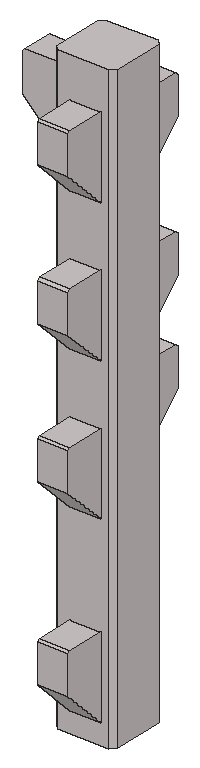
Revit family "rstadvancedsamplefamily", category Structural Columns, Revit 2021
Family settings
  Display in Hidden Views = Edges Hidden by Other Members
  Section Shape = Not Defined
  Material for Model Behavior = Precast Concrete
  Always export as geometry = No
  Beam cutback in plan = From bounding box
  OmniClass Number = 23.25.30.11.14.11
  OmniClass Title = Columns
  Cut with Voids When Loaded = No
  Symbolic Representation = From Family
  Shared = No
  Show family pre-cut in plan views = No
Parameters (values of type "300x300-4 Levels")
  West Corbels Number 1 = if(West Corbels Number > 4, 4, West Corbels Number)  # 1
  Tie Rod Weight [instance] = 30
  Tie Rod W [instance] = (Tie Rod Weight) * 9.80 kN / 1000  # 0.294 kN
  Structural Material [instance] = Concrete - Precast Concrete - 35 MPa
  South Corbels Number 1 = if(South Corbels Number > 4, 4, South Corbels Number)  # 4
  South Corbels Number = 4
  South Corbel Type = Sloped Corbel : Sloped Corbel
  Single Rebar Weight [instance] = 50
  Single Rebar W [instance] = (Single Rebar Weight * 9.80 kN) / 1000  # 0.49 kN
  Rebar Grids Weight [instance] = 100
  Rebar Grids W [instance] = (Rebar Grids Weight * 9.80 kN) / 1000  # 0.98 kN
  North Corbels Number 1 = if(North Corbels Number > 4, 4, North Corbels Number)  # 3
  North Corbels Number = 3
  North Corbel Type = Sloped Corbel : Sloped Corbel
  East Corbels Number 1 = if(East Corbels Number > 4, 4, East Corbels Number)  # 0
  East Corbels Number = 0
  East Corbel Type = Sloped Corbel : Sloped Corbel
  Corbel Width = ""
  Corbel Width West = 150 mm
  Corbel Width South = 150 mm
  Corbel Width North = 150 mm
  Corbel Width East = 150 mm
  Corbel West 4 = and(West Corbels Number 1 = 4, not(West Corbels Number 1 = 0))  # no
  Corbel West 3 = and(or((West Corbels Number 1 = 3), (West Corbels Number 1 > 3)), not(West Corbels Number 1 = 0))  # no
  Corbel West 2 = and(or((West Corbels Number 1 = 2), (West Corbels Number 1 > 2)), not(West Corbels Number 1 = 0))  # no
  Corbel West 1 = and(or((West Corbels Number 1 = 1), (West Corbels Number 1 > 1)), not(West Corbels Number 1 = 0))  # yes
  West Corbels Number = 1
  West Corbel Type = Sloped Corbel : Sloped Corbel
  Corbel South 4 = and(South Corbels Number 1 = 4, not(South Corbels Number 1 = 0))  # yes
  Corbel South 3 = and(or((South Corbels Number 1 = 3), (South Corbels Number 1 > 3)), not(South Corbels Number 1 = 0))  # yes
  Corbel South 2 = and(or((South Corbels Number 1 = 2), (South Corbels Number 1 > 2)), not(South Corbels Number 1 = 0))  # yes
  Corbel South 1 = and(or((South Corbels Number 1 = 1), (South Corbels Number 1 > 1)), not(South Corbels Number 1 = 0))  # yes
  Corbel North 4 = and(North Corbels Number 1 = 4, not(North Corbels Number 1 = 0))  # no
  Corbel North 3 = and(or((North Corbels Number 1 = 3), (North Corbels Number 1 > 3)), not(North Corbels Number 1 = 0))  # yes
  Corbel North 2 = and(or((North Corbels Number 1 = 2), (North Corbels Number 1 > 2)), not(North Corbels Number 1 = 0))  # yes
  Corbel North 1 = and(or((North Corbels Number 1 = 1), (North Corbels Number 1 > 1)), not(North Corbels Number 1 = 0))  # yes
  Corbel Height = ""
  Corbel Height West = 400 mm
  Corbel Height South = 400 mm
  Corbel Height North = 400 mm
  Corbel Height East = 400 mm
  Corbel East 4 = and(East Corbels Number 1 = 4, not(East Corbels Number 1 = 0))  # no
  Corbel East 3 = and(or((East Corbels Number 1 = 3), (East Corbels Number 1 > 3)), not(East Corbels Number 1 = 0))  # no
  Corbel East 2 = and(or((East Corbels Number 1 = 2), (East Corbels Number 1 > 2)), not(East Corbels Number 1 = 0))  # no
  Corbel East 1 = and(or((East Corbels Number 1 = 1), (East Corbels Number 1 > 1)), not(East Corbels Number 1 = 0))  # no
  Corbel Distance from Top Level [instance] = ""
  Corbel Distance West 1 [instance] = 100 mm
  Corbel Distance West 2 [instance] = 700 mm
  Corbel Distance West 3 [instance] = 1300 mm
  Corbel Distance West 4 [instance] = 2100 mm
  Corbel Distance East 1 [instance] = 350 mm
  Corbel Distance East 2 [instance] = 950 mm
  Corbel Distance East 3 [instance] = 1750 mm
  Corbel Distance East 4 [instance] = 2450 mm
  Corbel Distance South 1 [instance] = 200 mm
  Corbel Distance South 2 [instance] = 900 mm
  Corbel Distance South 3 [instance] = 1600 mm
  Corbel Distance South 4 [instance] = 2500 mm
  Corbel Distance North 1 [instance] = 250 mm
  Corbel Distance North 2 [instance] = 950 mm
  Corbel Distance North 3 [instance] = 1450 mm
  Corbel Distance North 4 [instance] = 2350 mm
  Corbel Depth = ""
  Corbel Depth West = 200 mm
  Corbel Depth South = 200 mm
  Corbel Depth North = 200 mm
  Corbel Depth East = 200 mm
  Corbel Horizontal Offset [instance] = ""
  Corbel Offset West [instance] = 60 mm
  Corbel Offset South [instance] = 60 mm
  Corbel Offset North [instance] = 60 mm
  Corbel Offset East [instance] = 60 mm
  Corbel Chamfer [instance] = 10 mm
  Assembly Code = "B10"
  Chamfer = 25 mm
  b = 300 mm
  h = 300 mm
Types (9, lengths in mm): name | West Corbels Number 1 | South Corbels Number 1 | South Corbels Number | South Corbel Type | North Corbels Number 1 | North Corbels Number | North Corbel Type | East Corbels Number 1 | East Corbels Number | East Corbel Type | Corbel West 4 | Corbel West 3 | Corbel West 2 | Corbel West 1 | West Corbels Number | West Corbel Type | Corbel South 4 | Corbel South 3 | Corbel South 2 | Corbel South 1 | Corbel North 3 | Corbel North 2 | Corbel East 2 | Corbel East 1 | Assembly Code | b | h
  (no name) | 1 | 4 | 4 | Sloped Corbel : Sloped Corbel | 3 | 3 | Sloped Corbel : Sloped Corbel | 0 | 0 | Sloped Corbel : Sloped Corbel | no | no | no | yes | 1 | Sloped Corbel : Sloped Corbel | yes | yes | yes | yes | yes | yes | no | no | "B10" | 300 | 300
  300x300-2 Levels | 0 | 2 | 2 | Rectangular Corbel : Rectangular Corbel | 1 | 1 | Sloped Corbel : Sloped Corbel | 2 | 2 | Rectangular Corbel : Rectangular Corbel | no | no | no | no | 0 | Rectangular Corbel : Rectangular Corbel | no | no | yes | yes | no | no | yes | yes | 0 | 300 | 300
  450x450-2 Levels | 2 | 0 | 0 | Rectangular Corbel : Rectangular Corbel | 2 | 2 | Rectangular Corbel : Rectangular Corbel | 0 | 0 | Sloped Corbel : Sloped Corbel | no | no | yes | yes | 2 | Sloped Corbel : Sloped Corbel | no | no | no | no | no | yes | no | no | "B10" | 450 | 450
  300x300-4 Levels | 1 | 4 | 4 | Sloped Corbel : Sloped Corbel | 3 | 3 | Sloped Corbel : Sloped Corbel | 0 | 0 | Sloped Corbel : Sloped Corbel | no | no | no | yes | 1 | Sloped Corbel : Sloped Corbel | yes | yes | yes | yes | yes | yes | no | no | "B10" | 300 | 300
  300x300-3 Levels | 3 | 0 | 0 | Rectangular Corbel : Rectangular Corbel | 2 | 2 | Sloped Corbel : Sloped Corbel | 0 | 0 | Sloped Corbel : Sloped Corbel | no | yes | yes | yes | 3 | Rectangular Corbel : Rectangular Corbel | no | no | no | no | no | yes | no | no | "B10" | 300 | 300
  450x450-4 Levels | 4 | 0 | 0 | Rectangular Corbel : Rectangular Corbel | 1 | 1 | Rectangular Corbel : Rectangular Corbel | 2 | 2 | Sloped Corbel : Sloped Corbel | yes | yes | yes | yes | 4 | Sloped Corbel : Sloped Corbel | no | no | no | no | no | no | yes | yes | "B10" | 450 | 450
  450x450-3 Levels | 0 | 3 | 3 | Rectangular Corbel : Rectangular Corbel | 1 | 1 | Sloped Corbel : Sloped Corbel | 2 | 2 | Sloped Corbel : Sloped Corbel | no | no | no | no | 0 | Rectangular Corbel : Rectangular Corbel | no | yes | yes | yes | no | no | yes | yes | "B10" | 450 | 450
  300x300-1 Level | 0 | 1 | 1 | Sloped Corbel : Sloped Corbel | 1 | 1 | Sloped Corbel : Sloped Corbel | 1 | 1 | Sloped Corbel : Sloped Corbel | no | no | no | no | 0 | Rectangular Corbel : Rectangular Corbel | no | no | no | yes | no | no | no | yes | "B10" | 300 | 300
  450x450-1 Level | 1 | 0 | 0 | Rectangular Corbel : Rectangular Corbel | 1 | 1 | Rectangular Corbel : Rectangular Corbel | 1 | 1 | Sloped Corbel : Sloped Corbel | no | no | no | yes | 1 | Sloped Corbel : Sloped Corbel | no | no | no | no | no | no | no | yes | "B10" | 450 | 450
Reference planes
  plane 1 "Center (Front/Back)": y = 0
  plane 2: z = 0
  plane 3 "Center (Left/Right)": x = 0
  plane 4: x = -150
  plane 5: x = 150
  plane 6: y = 150
  plane 7: y = -150
  plane 8: x = -125
  plane 9: y = -125
  plane 10: x = 125
  plane 11: y = 125
  plane 12 "fill ref  west": z = 2900
  plane 13 "fill ref  north": z = 2750
  plane 14 "fill ref  south": z = 2800
  plane 15 "fill ref  east": z = 2650
  plane 16 "West 1": z = 2300
  plane 17 "East 1": z = 2050
  plane 18 "South 1": z = 2100
  plane 19 "North 1": z = 2050
  plane 20 "West 2": z = 1700
  plane 21 "East 2": z = 1250
  plane 22 "South 2": z = 1400
  plane 23 "North 2": z = 1550
  plane 24 "West 3": z = 900
  plane 25 "East 3": z = 550
  plane 26 "South 3": z = 500
  plane 27 "North 3": z = 650
  plane 28: y = 65
  plane 29: x = 65
  plane 30: y = -65
  plane 31: x = -65
  plane 32: x = -125
  plane 33: y = -125
  plane 34: x = 125
  plane 35: y = 125
Forms (mm)
  Extrusion 1, solid, material "Concrete - Precast Concrete - 35 MPa" <- "Structural Material"
    sketch origin (0, 0, 0) x (1, 0, 0) y (0, 1, 0)
      loop
        line (-125, 150) -> (-150, 125) -> (-150, -125) -> (-125, -150) -> (125, -150) -> (150, -125) -> (150, 125) -> (125, 150) -> (-125, 150)
    from 0 to 3000
Dimensions and locks
  equal spacing: plane 4, plane 3 "Center (Left/Right)", plane 5
  equal spacing: plane 7, plane 1 "Center (Front/Back)", plane 6
  "h": plane 7 to plane 6
  "b": plane 4 to plane 5
  "Chamfer": plane 4 to plane 8
  "Chamfer": plane 10 to plane 5
  "Chamfer": plane 11 to plane 6
  "Chamfer": plane 7 to plane 9
  "Corbel Offset West": plane 11 to plane 28
  "Corbel Offset South": plane 8 to plane 31
  "Corbel Offset East": plane 30 to plane 9
  "Corbel Offset North": plane 29 to plane 10
  "Corbel Distance West 1": level to plane 12 "fill ref  west"
  "Corbel Distance West 2": level to plane 16 "West 1"
  "Corbel Distance West 3": level to plane 20 "West 2"
  "Corbel Distance West 4": level to plane 24 "West 3"
  "Corbel Distance East 1": level to plane 15 "fill ref  east"
  "Corbel Distance East 2": level to plane 17 "East 1"
  "Corbel Distance East 3": level to plane 21 "East 2"
  "Corbel Distance East 4": level to plane 25 "East 3"
  "Corbel Distance South 1": level to plane 14 "fill ref  south"
  "Corbel Distance South 2": level to plane 18 "South 1"
  "Corbel Distance South 3": level to plane 22 "South 2"
  "Corbel Distance South 4": level to plane 26 "South 3"
  "Corbel Distance North 1": level to plane 13 "fill ref  north"
  "Corbel Distance North 2": level to plane 19 "North 1"
  "Corbel Distance North 3": level to plane 23 "North 2"
  "Corbel Distance North 4": level to plane 27 "North 3"
  aligned and locked: plane 6 to Extrusion 1 sketch curve
  aligned and locked: Extrusion 1 sketch curve to plane 7
  aligned and locked: Extrusion 1 sketch curve to plane 4
  aligned and locked: plane 5 to Extrusion 1 sketch curve
  aligned and locked: level to Extrusion 1
  aligned and locked: level to plane 2
  aligned and locked: Extrusion 1 to plane 2
  aligned and locked: nested 1 to plane 15 "fill ref  east"
  aligned and locked: nested 4 to plane 12 "fill ref  west"
  aligned and locked: nested 2 to plane 13 "fill ref  north"
  aligned and locked: nested 3 to plane 14 "fill ref  south"
  aligned and locked: nested 5 to plane 17 "East 1"
  aligned and locked: nested 6 to plane 21 "East 2"
  aligned and locked: nested 7 to plane 25 "East 3"
  aligned and locked: nested 8 to plane 16 "West 1"
  aligned and locked: nested 9 to plane 20 "West 2"
  aligned and locked: nested 10 to plane 24 "West 3"
  aligned and locked: nested 13 to plane 27 "North 3"
  aligned and locked: nested 12 to plane 23 "North 2"
  aligned and locked: nested 11 to plane 19 "North 1"
  aligned and locked: nested 16 to plane 26 "South 3"
  aligned and locked: nested 15 to plane 22 "South 2"
  aligned and locked: nested 14 to plane 18 "South 1"
  aligned and locked: plane 28 to nested 4
  aligned and locked: plane 28 to nested 8
  aligned and locked: plane 28 to nested 9
  aligned and locked: plane 28 to nested 10
  aligned and locked: plane 31 to nested 3
  aligned and locked: plane 31 to nested 14
  aligned and locked: plane 31 to nested 15
  aligned and locked: plane 31 to nested 16
  aligned and locked: plane 30 to nested 1
  aligned and locked: plane 30 to nested 5
  aligned and locked: plane 30 to nested 6
  aligned and locked: plane 30 to nested 7
  aligned and locked: nested 2 to plane 29
  aligned and locked: nested 11 to plane 29
  aligned and locked: nested 12 to plane 29
  aligned and locked: nested 13 to plane 29
  aligned and locked: plane 8 to plane 32
  aligned and locked: plane 33 to plane 9
  aligned and locked: plane 10 to plane 34
  aligned and locked: plane 35 to plane 11
Automatic sketch dimensions
  Extrusion 1 sketch curve to plane 8 = 0 mm  (x2)
  Extrusion 1 sketch curve to plane 10 = 0 mm  (x2)
  Extrusion 1 sketch curve to plane 9 = 0 mm  (x2)
  Extrusion 1 sketch curve to plane 11 = 0 mm  (x2)
Nested families
  nested 1: "Sloped Corbel" at (150, 10, 2650) x (0, 1, 0) z (1, 0, 0), Corbel Width <- "Corbel Width East", visible <- "Corbel East 1", type <- "East Corbel Type", Corbel Height <- "Corbel Height East", Corbel Depth <- "Corbel Depth East", type "Sloped Corbel"
    with TransChamfer 10 mm, Corbel Width 150 mm, Corbel Height 400 mm, Corbel Front 200 mm, Corbel Depth 200 mm
  nested 2: "Sloped Corbel" at (-10, 150, 2750) x (-1, 0, 0) z (0, 1, 0), Corbel Width <- "Corbel Width North", visible <- "Corbel North 1", type <- "North Corbel Type", Corbel Height <- "Corbel Height North", Corbel Depth <- "Corbel Depth North", type "Sloped Corbel"
    with TransChamfer 10 mm, Corbel Width 150 mm, Corbel Height 400 mm, Corbel Front 200 mm, Corbel Depth 200 mm
  nested 3: "Sloped Corbel" at (10, -150, 2800) x (1, 0, 0) z (0, -1, 0), Corbel Width <- "Corbel Width South", visible <- "Corbel South 1", type <- "South Corbel Type", Corbel Height <- "Corbel Height South", Corbel Depth <- "Corbel Depth South", type "Sloped Corbel"
    with TransChamfer 10 mm, Corbel Width 150 mm, Corbel Height 400 mm, Corbel Front 200 mm, Corbel Depth 200 mm
  nested 4: "Sloped Corbel" at (-150, -10, 2900) x (0, -1, 0) z (-1, 0, 0), Corbel Width <- "Corbel Width West", visible <- "Corbel West 1", type <- "West Corbel Type", Corbel Height <- "Corbel Height West", Corbel Depth <- "Corbel Depth West", type "Sloped Corbel"
    with TransChamfer 10 mm, Corbel Width 150 mm, Corbel Height 400 mm, Corbel Front 200 mm, Corbel Depth 200 mm
  nested 5: "Sloped Corbel" at (150, 10, 2050) x (0, 1, 0) z (1, 0, 0), Corbel Width <- "Corbel Width East", visible <- "Corbel East 2", type <- "East Corbel Type", Corbel Height <- "Corbel Height East", Corbel Depth <- "Corbel Depth East", type "Sloped Corbel"
    with TransChamfer 10 mm, Corbel Width 150 mm, Corbel Height 400 mm, Corbel Front 200 mm, Corbel Depth 200 mm
  nested 6: "Sloped Corbel" at (150, 10, 1250) x (0, 1, 0) z (1, 0, 0), Corbel Width <- "Corbel Width East", visible <- "Corbel East 3", type <- "East Corbel Type", Corbel Height <- "Corbel Height East", Corbel Depth <- "Corbel Depth East", type "Sloped Corbel"
    with TransChamfer 10 mm, Corbel Width 150 mm, Corbel Height 400 mm, Corbel Front 200 mm, Corbel Depth 200 mm
  nested 7: "Sloped Corbel" at (150, 10, 550) x (0, 1, 0) z (1, 0, 0), Corbel Width <- "Corbel Width East", visible <- "Corbel East 4", type <- "East Corbel Type", Corbel Height <- "Corbel Height East", Corbel Depth <- "Corbel Depth East", type "Sloped Corbel"
    with TransChamfer 10 mm, Corbel Width 150 mm, Corbel Height 400 mm, Corbel Front 200 mm, Corbel Depth 200 mm
  nested 8: "Sloped Corbel" at (-150, -10, 2300) x (0, -1, 0) z (-1, 0, 0), Corbel Width <- "Corbel Width West", visible <- "Corbel West 2", type <- "West Corbel Type", Corbel Height <- "Corbel Height West", Corbel Depth <- "Corbel Depth West", type "Sloped Corbel"
    with TransChamfer 10 mm, Corbel Width 150 mm, Corbel Height 400 mm, Corbel Front 200 mm, Corbel Depth 200 mm
  nested 9: "Sloped Corbel" at (-150, -10, 1700) x (0, -1, 0) z (-1, 0, 0), Corbel Width <- "Corbel Width West", visible <- "Corbel West 3", type <- "West Corbel Type", Corbel Height <- "Corbel Height West", Corbel Depth <- "Corbel Depth West", type "Sloped Corbel"
    with TransChamfer 10 mm, Corbel Width 150 mm, Corbel Height 400 mm, Corbel Front 200 mm, Corbel Depth 200 mm
  nested 10: "Sloped Corbel" at (-150, -10, 900) x (0, -1, 0) z (-1, 0, 0), Corbel Width <- "Corbel Width West", visible <- "Corbel West 4", type <- "West Corbel Type", Corbel Height <- "Corbel Height West", Corbel Depth <- "Corbel Depth West", type "Sloped Corbel"
    with TransChamfer 10 mm, Corbel Width 150 mm, Corbel Height 400 mm, Corbel Front 200 mm, Corbel Depth 200 mm
  nested 11: "Sloped Corbel" at (-10, 150, 2050) x (-1, 0, 0) z (0, 1, 0), Corbel Width <- "Corbel Width North", visible <- "Corbel North 2", type <- "North Corbel Type", Corbel Height <- "Corbel Height North", Corbel Depth <- "Corbel Depth North", type "Sloped Corbel"
    with TransChamfer 10 mm, Corbel Width 150 mm, Corbel Height 400 mm, Corbel Front 200 mm, Corbel Depth 200 mm
  nested 12: "Sloped Corbel" at (-10, 150, 1550) x (-1, 0, 0) z (0, 1, 0), Corbel Width <- "Corbel Width North", visible <- "Corbel North 3", type <- "North Corbel Type", Corbel Height <- "Corbel Height North", Corbel Depth <- "Corbel Depth North", type "Sloped Corbel"
    with TransChamfer 10 mm, Corbel Width 150 mm, Corbel Height 400 mm, Corbel Front 200 mm, Corbel Depth 200 mm
  nested 13: "Sloped Corbel" at (-10, 150, 650) x (-1, 0, 0) z (0, 1, 0), Corbel Width <- "Corbel Width North", visible <- "Corbel North 4", type <- "North Corbel Type", Corbel Height <- "Corbel Height North", Corbel Depth <- "Corbel Depth North", type "Sloped Corbel"
    with TransChamfer 10 mm, Corbel Width 150 mm, Corbel Height 400 mm, Corbel Front 200 mm, Corbel Depth 200 mm
  nested 14: "Sloped Corbel" at (10, -150, 2100) x (1, 0, 0) z (0, -1, 0), Corbel Width <- "Corbel Width South", visible <- "Corbel South 2", type <- "South Corbel Type", Corbel Height <- "Corbel Height South", Corbel Depth <- "Corbel Depth South", type "Sloped Corbel"
    with TransChamfer 10 mm, Corbel Width 150 mm, Corbel Height 400 mm, Corbel Front 200 mm, Corbel Depth 200 mm
  nested 15: "Sloped Corbel" at (10, -150, 1400) x (1, 0, 0) z (0, -1, 0), Corbel Width <- "Corbel Width South", visible <- "Corbel South 3", type <- "South Corbel Type", Corbel Height <- "Corbel Height South", Corbel Depth <- "Corbel Depth South", type "Sloped Corbel"
    with TransChamfer 10 mm, Corbel Width 150 mm, Corbel Height 400 mm, Corbel Front 200 mm, Corbel Depth 200 mm
  nested 16: "Sloped Corbel" at (10, -150, 500) x (1, 0, 0) z (0, -1, 0), Corbel Width <- "Corbel Width South", visible <- "Corbel South 4", type <- "South Corbel Type", Corbel Height <- "Corbel Height South", Corbel Depth <- "Corbel Depth South", type "Sloped Corbel"
    with TransChamfer 10 mm, Corbel Width 150 mm, Corbel Height 400 mm, Corbel Front 200 mm, Corbel Depth 200 mm
Definition of nested family "Sloped Corbel"
  Parameters
    TransChamfer [instance] = if(Chamfer = 0 mm, Corbel Depth / 2, Chamfer)  # 10 mm
    Material = none
    Default Elevation = 0 mm
    Corbel Width [instance] = 304.8 mm
    Corbel Height [instance] = 700 mm
    Corbel Front [instance] = Corbel Height - Corbel Depth  # 300 mm
    Corbel Depth [instance] = 400 mm
    Chamfer = 10 mm
    Assembly Code = ""
  Reference planes
    plane 1 "Center (Front/Back)": y = 0
    plane 2: z = 0
    plane 3 "Center (Left/Right)": x = 0
    plane 4: y = -700
    plane 5: y = -10
    plane 6: z = 400
    plane 7: z = 390
    plane 8 "Left": x = -152.4
    plane 9 "Right": x = 152.4
    plane 10: y = -300
  Forms (mm)
    Extrusion 1, solid
      sketch origin (0, 0, 0) x (1, 0, 0) y (0, 1, 0)
        loop
          line (-844.162, 1219.2) -> (-844.162, -1219.2) -> (762, -1219.2) -> (762, 1219.2) -> (-844.162, 1219.2)
      from 0 to -304.8
    Sweep 2, solid, material <- "Material"
      path origin (0, 0, 0) x (1, 0, 0) y (0, 1, 0)
        loop
          line (-152.4, 0) -> (152.4, 0)
      profile origin (0, 0, 0) x (0, 1, 0) y (0, 0, 1)
        loop
          line (0, 0) -> (0, 390) -> (-10, 400) -> (-300, 400) -> (-700, 0) -> (0, 0)
  Dimensions and locks
    "Corbel Depth": plane 6 to plane 2
    "TransChamfer": plane 6 to plane 7
    "Corbel Height": plane 4 to plane 1 "Center (Front/Back)"
    "Chamfer": plane 5 to plane 1 "Center (Front/Back)"
    "Corbel Width": plane 8 "Left" to plane 9 "Right"
    equal spacing: plane 8 "Left", plane 3 "Center (Left/Right)", plane 9 "Right"
    "Corbel Front": plane 10 to plane 1 "Center (Front/Back)"
    aligned and locked: plane 2 to Extrusion 1
    aligned and locked: level to Extrusion 1
    aligned and locked: plane 1 "Center (Front/Back)" to Sweep 2 sketch curve  (x2)
    aligned and locked: plane 2 to Sweep 2 sketch curve
    aligned and locked: plane 7 to Sweep 2 sketch curve
    aligned and locked: plane 8 "Left" to Sweep 2 sketch curve
    aligned and locked: plane 9 "Right" to Sweep 2 sketch curve
    aligned and locked: plane 4 to Sweep 2 sketch curve
    aligned and locked: Sweep 2 sketch curve to plane 6
    aligned and locked: plane 5 to Sweep 2 sketch curve
    aligned and locked: plane 10 to Sweep 2 sketch curve
  Automatic sketch dimensions
    Extrusion 1 sketch curve to Extrusion 1 sketch curve = 1606.162 mm
    Extrusion 1 sketch curve to Extrusion 1 sketch curve = 2438.4 mm
